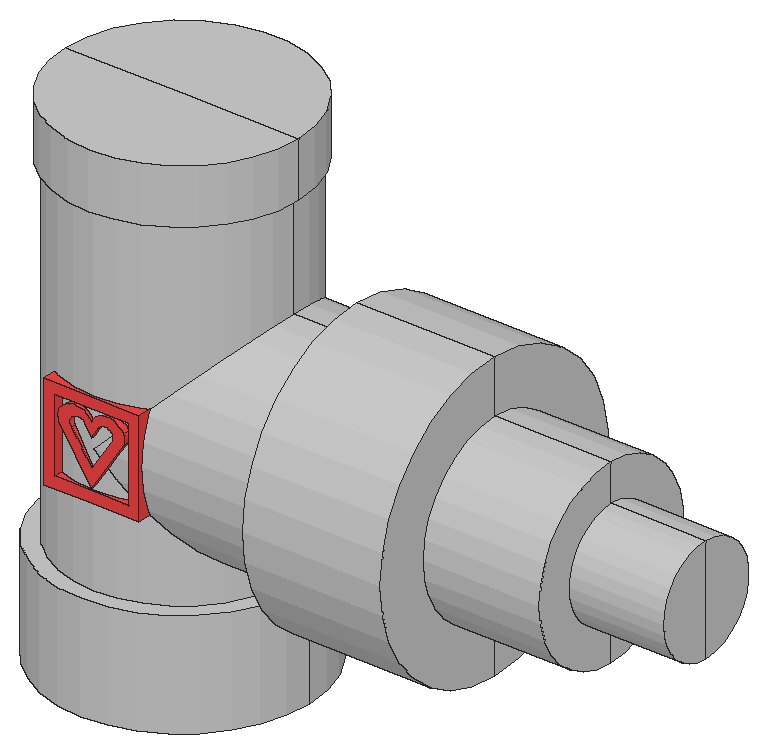
Revit family "Клапан запорный для отключения радиатора HERZ-RL-1, угловой 3724", category Rohrzubehör, Revit 2018
Family settings
  Bemaßung runder Anschluss = Durchmesser verwenden
  Teiletyp = Unterbricht
  OmniClass-Nummer = 23.65.55.14
  OmniClass-Titel = Valves for Liquid Services
  Arbeitsebenenbasiert = Nein
  Immer vertikal = Nein
  Beim Laden mit Abzugskörper schneiden = Nein
  Gemeinsam genutzt = Nein
Parameters
  Среда = "Качество воды в соответствии с ÖNORM H 5195 или директивой VDI 2035."
  Область применения = "Система водяного отопления. С помощью установки радиаторных запорных клапанов возможно осуществить перекрытие обратного потока нагревательных приборов. При одновременном перекрытии с клапаном на подающем трубопроводе возможен демонтаж радиатора в системе, которая находится под давлением. Промывку радиатора или ремонт помещения (оклеивание обоями, облицовку плиткой) можно проводить, не прерывая работу системы. Если требуется предварительная настройка клапанов для отключения радиаторов или заполнение и опорожнение радиаторов или системы при помощи данного клапана, рекомендуется установка клапана HERZ-RL-5."
  Номер заказа [instance] = size_lookup("3724_1_", "Artnr", 0, Nennweite)  # 1372440
  Макс. рабочее давление = 1000000.0 Pa  # constant formula
  Макс. рабочая температура = 120 °C  # constant formula
  Корпус = "Никелированная латунь"  # constant formula
  Исполнение = "Все модели поставляются в никелированном исполнении, это универсальные модели со специальной муфтой для резьбовой трубы и компрессионных фитингов."
  URL = "www.herz-armaturen.ru"
  SCRNSEQ = "ARM;ARM_TYP=\"ALLF\";2"
  SCRNCODE = "05;01;02"  # constant formula
  S04 = 45.000 mm  # constant formula
  S03 [instance] = H02 - 5.000 mm + 41.000 mm  # 60.500 mm
  S02 [instance] = L04 + L03 - L02  # 25.500 mm
  S01 = 10.000 mm  # constant formula
  R06 = 11.000 mm  # constant formula
  Nennweite [instance] = 10.000 mm
  LO1 [instance] = R01 - 0.500 mm  # 10.000 mm
  L04 [instance] = size_lookup("3724_1_", "L4", 1.000 mm, Nennweite)  # 20.000 mm
  L03 [instance] = size_lookup("3724_1_", "L3", 1.000 mm, Nennweite)  # 13.000 mm
  L02 [instance] = size_lookup("3724_1_", "L2", 1.000 mm, Nennweite)  # 7.500 mm
  L01 [instance] = size_lookup("3724_1_", "L1", 1.000 mm, Nennweite)  # 24.000 mm
  Hersteller = "HERZ Armaturen Ges.m.b.H."  # constant formula
  H05 = 5.200 mm  # constant formula
  H04 = 25.500 mm  # constant formula
  H03 [instance] = size_lookup("3724_1_", "H3", 1.000 mm, Nennweite)  # 10.000 mm
  H02 [instance] = 24.500 mm  # constant formula
  H01 [instance] = size_lookup("3724_1_", "H1", 1.000 mm, Nennweite)  # 22.000 mm
  GT1 [instance] = size_lookup("3724_1_", "GT1", 1.000 mm, Nennweite)  # 9.000 mm
  GT [instance] = size_lookup("3724_1_", "GT", 1.000 mm, Nennweite)  # 9.500 mm
  G2 [instance] = Nennweite / 2  # 5.000 mm
  G1 [instance] = Nennweite / 2  # 5.000 mm
  R01 = 10.500 mm  # constant formula
  D05 [instance] = size_lookup("3724_1_", "D5", 1.000 mm, Nennweite)  # 8.500 mm
  D04 [instance] = size_lookup("3724_1_", "D4", 1.000 mm, Nennweite)  # 13.500 mm
  D03 [instance] = R01  # 10.500 mm
  D02 [instance] = size_lookup("3724_1_", "D2", 1.000 mm, Nennweite)  # 7.940 mm
  D01 [instance] = size_lookup("3724_1_", "D1", 1.000 mm, Nennweite)  # 12.000 mm
Reference planes
  plane 1 "Mitte (Vorne/hinten)": y = 0
  plane 2: z = 0
  plane 3 "Mitte (Links/rechts)": x = 0
Forms (mm)
  Revolve 1, solid, material "Messing, weicher Gelbton, geschweißt", detail levels fine
    sketch origin (0, 0, 0) x (1, 0, 0) y (0, 0, 1)
      loop
        line (0, 24.5) -> (-10.5, 24.5) -> (-10.5, -12) -> (-12, -12) -> (-12, -22) -> (-5, -22) -> (-5, -12.5) -> (0, -12.5) -> (0, 24.5)
      axis (0, 24.5) -> (0, -22)
    angle from 0 to 360
  Revolve 2, solid, material "Messing, weicher Gelbton, geschweißt", detail levels fine
    sketch origin (0, 0, 0) x (1, 0, 0) y (0, 0, 1)
      loop
        line (0, 0) -> (24, 0) -> (24, 7.94) -> (16.5, 7.94) -> (16.5, 10.5) -> (0, 10.5) -> (0, 0)
      axis (0, 0) -> (24, 0)
    angle from 0 to 360
  Revolve 3, solid, material "Messing, weicher Gelbton, geschweißt", detail levels fine
    sketch origin (-1, 0, 0) x (1, 0, 0) y (0, 0, 1)
      loop
        line (25, 0) -> (50.5, 0) -> (50.5, 5) -> (41.5, 5) -> (41.5, 8.5) -> (30.5, 8.5) -> (30.5, 13.5) -> (17.5, 13.5) -> (17.5, 7.94) -> (25, 7.94) -> (25, 0)
      axis (17.5, 0) -> (50.5, 0)
    angle from 0 to 360
  Revolve 4, solid, material "Messing, weicher Gelbton, geschweißt", detail levels fine
    sketch origin (0, 0, 0) x (1, 0, 0) y (0, 0, 1)
      loop
        line (0, 20.3) -> (11, 20.3) -> (11, 25.5) -> (0, 25.5) -> (0, 20.3)
      axis (0, 25.5) -> (0, 20.3)
    angle from 0 to 360
Lines and regions (mm)
  model lines, detail levels coarse+medium
    curve 1: line (0, 0, 0) -> (12, 0, -22)
    curve 2: line (12, 0, -22) -> (-12, 0, -22)
    curve 3: line (-12, 0, -22) -> (0, 0, 0)
    curve 4: line (0, 0, 0) -> (24, 0, 13.5)
    curve 5: line (24, 0, 13.5) -> (24, 0, -13.5)
    curve 6: line (24, 0, -13.5) -> (0, 0, 0)
    curve 7: line (24, 0, 13.5) -> (34, 0, 13.5)
    curve 8: line (34, 0, 13.5) -> (24, 0, 0)
    curve 9: line (24, 0, -13.5) -> (34, 0, -13.5)
    curve 10: line (34, 0, -13.5) -> (24, 0, 0)
    curve 11: line (24, 0, 0) -> (49.5, 0, 0)
    curve 12: line (0, 0, 0) -> (12, -22, 0)
    curve 13: line (12, -22, 0) -> (-12, -22, 0)
    curve 14: line (-12, -22, 0) -> (0, 0, 0)
    curve 15: line (0, 0, 0) -> (24, 13.5, 0)
    curve 16: line (24, 13.5, 0) -> (24, -13.5, 0)
    curve 17: line (24, -13.5, 0) -> (0, 0, 0)
    curve 18: line (24, 13.5, 0) -> (34, 13.5, 0)
    curve 19: line (34, 13.5, 0) -> (24, 0, 0)
    curve 20: line (24, -13.5, 0) -> (34, -13.5, 0)
    curve 21: line (24, 0, 0) -> (34, -13.5, 0)
Dimensions and locks
  "H02": Revolve 1 sketch curve to plane 2
  "H01": plane 2 to Revolve 1 sketch curve
  "R01": Revolve 1 sketch curve to Revolve 1 sketch curve
  "G1": Revolve 1 sketch curve to Revolve 1 sketch curve
  "D01": Revolve 1 sketch curve to Revolve 1 sketch curve
  "GT": Revolve 1 sketch curve to Revolve 1 sketch curve
  "H03": Revolve 1 sketch curve to Revolve 1 sketch curve
  "D02": Revolve 2 sketch curve to Revolve 2 sketch curve
  "D03": Revolve 2 sketch curve to Revolve 2 sketch curve
  "L01": Revolve 2 sketch curve to Revolve 2 sketch curve
  "L02": Revolve 2 sketch curve to Revolve 2 sketch curve
  "LO1": nested 1 to plane 1 "Mitte (Vorne/hinten)"
  "L02": Revolve 3 sketch curve to Revolve 3 sketch curve
  "L03": Revolve 3 sketch curve to Revolve 3 sketch curve
  "L04": Revolve 3 sketch curve to Revolve 3 sketch curve
  "D04": Revolve 3 sketch curve to Revolve 3 sketch curve
  "G2": Revolve 3 sketch curve to Revolve 3 sketch curve
  "D05": Revolve 3 sketch curve to Revolve 3 sketch curve
  "GT1": Revolve 3 sketch curve to Revolve 3 sketch curve
  "L01": plane 3 "Mitte (Links/rechts)" to Revolve 3 sketch curve
  "D02": Revolve 3 sketch curve to plane 2
  "H01": plane 2 to curve 2
  "L01": curve 5 to plane 3 "Mitte (Links/rechts)"
  "D01": curve 2 to plane 3 "Mitte (Links/rechts)" to curve 3
  "D04": curve 5 to plane 2 to curve 6
  "S01": curve 5 to curve 8
  "S01": curve 5 to curve 10
  "S02": curve 11 to curve 11
  "H01": curve 13 to plane 1 "Mitte (Vorne/hinten)"
  "D01": curve 14 to plane 3 "Mitte (Links/rechts)" to curve 13
  "L01": plane 3 "Mitte (Links/rechts)" to curve 16
  "D04": curve 17 to plane 1 "Mitte (Vorne/hinten)" to curve 16
  "S01": curve 16 to curve 19
  "S01": curve 16 to curve 21
  "R06": Revolve 4 sketch curve to Revolve 4 sketch curve
  "H04": Revolve 4 sketch curve to plane 2
  "H05": Revolve 4 sketch curve to Revolve 4 sketch curve
  aligned and locked: level to plane 2
Automatic sketch dimensions
  curve 4 to level = 0.000 mm
  curve 4 to plane 3 "Mitte (Links/rechts)" = 0.000 mm
  curve 11 to level = 0.000 mm
  curve 8 to level = 0.000 mm
  plane 1 "Mitte (Vorne/hinten)" to curve 14 = 0.000 mm
  curve 14 to plane 3 "Mitte (Links/rechts)" = 0.000 mm
  plane 1 "Mitte (Vorne/hinten)" to curve 19 = 0.000 mm
  Revolve 1 sketch curve to plane 3 "Mitte (Links/rechts)" = 0.000 mm  (x2)
  Revolve 1 sketch curve to Revolve 1 sketch curve = 345.545 mm
  Revolve 1 sketch curve to Revolve 1 sketch curve = 2189.815 mm
  Revolve 2 sketch curve to level = 0.000 mm  (x2)
  Revolve 2 sketch curve to plane 3 "Mitte (Links/rechts)" = 0.000 mm
  Revolve 2 sketch curve to plane 3 "Mitte (Links/rechts)" = 1506.530 mm
  Revolve 2 sketch curve to Revolve 2 sketch curve = 1815.148 mm
  Revolve 3 sketch curve to level = 0.000 mm  (x2)
  Revolve 3 sketch curve to plane 3 "Mitte (Links/rechts)" = 1507.530 mm
  Revolve 3 sketch curve to Revolve 3 sketch curve = 1789.648 mm
  Revolve 4 sketch curve to plane 3 "Mitte (Links/rechts)" = 0.000 mm  (x2)
  Revolve 4 sketch curve to level = 366.045 mm
  Revolve 4 sketch curve to Revolve 4 sketch curve = 2190.315 mm
Nested families
  nested 1: "Herz-Logo-vorne" at (0, -10, 0) x (0, -1, 0) z (0, 0, 1), type "Herz-Logo-vorne", detail levels fine
Connectors
  piping at (0, 0, -12.5), diameter 10, driven by "Nennweite"
    settings: on Revolve 1, index 1, connector inside diameter 609.6 mm, connector length 0.000 mm, flow factor 0, pipe flow 0.0 L/s, pressure drop 0.0 Pa, fitting loss kfactor 0, connector angle 0.00°, fixture units 0, engagement length 0.000 mm, angle of deflection 0.00°, flow configuration 0, flow direction 1, fitting loss method 0, system type 8, joint type 0, gender type 0, connector reference index -1, connector utility 0, adjustable connector no, is connector primary yes, connector description ""
  piping at (49.5, 0, 0), diameter 10, driven by "Nennweite"
    settings: on Revolve 3, index 2, connector inside diameter 609.6 mm, connector length 0.000 mm, flow factor 0, pipe flow 0.0 L/s, pressure drop 0.0 Pa, fitting loss kfactor 0, connector angle 0.00°, fixture units 0, engagement length 0.000 mm, angle of deflection 0.00°, flow configuration 0, flow direction 2, fitting loss method 0, system type 8, joint type 0, gender type 0, connector reference index -1, connector utility 0, adjustable connector no, is connector primary no, connector description ""
Definition of nested family "Herz-Logo-vorne"
  Reference planes
    plane 1 "Mitte (Vorne/hinten)": y = 0
    plane 2: z = 0
    plane 3 "Mitte (Links/rechts)": x = 0
  Forms (mm)
    Extrusion 1, solid
      sketch origin (0.732, -0.018, 0.017) x (0, -1, 0) y (0, 0, 1)
        loop
          line (-0.018, -4.517) -> (4.482, -4.517) -> (4.482, 4.483) -> (-4.518, 4.483) -> (-4.518, -4.517) -> (-0.018, -4.517)
        loop
          line (-0.05, -3.48) -> (3.482, -3.48) -> (3.482, 3.483) -> (-3.518, 3.483) -> (-3.518, -3.48) -> (-0.05, -3.48)
        loop
          arc (-0.018, 2.383) -> (-1.543, 3.287) -> (-3.067, 2.383) r 1.738
          arc (-3.067, 2.383) -> (-3.191, 1.899) -> (-3.067, 1.415) r 1.009
          line (-3.067, 1.415) -> (-0.018, -3.281) -> (3.032, 1.415)
          arc (3.032, 1.415) -> (3.156, 1.899) -> (3.032, 2.383) r 1.009
          arc (3.032, 2.383) -> (1.507, 3.287) -> (-0.018, 2.383) r 1.738
        loop
          arc (1.885, 1.272) -> (2.005, 1.675) -> (1.885, 2.079) r 0.74
          arc (1.885, 2.079) -> (1.265, 2.416) -> (0.644, 2.079) r 0.74
          line (0.644, 2.079) -> (-0.018, 0.97) -> (-0.679, 2.079)
          arc (-0.679, 2.079) -> (-1.3, 2.416) -> (-1.921, 2.079) r 0.74
          arc (-1.921, 2.079) -> (-2.04, 1.675) -> (-1.921, 1.272) r 0.74
          line (-1.921, 1.272) -> (-0.018, -1.658) -> (1.885, 1.272)
      from 0 to 1.5
  Dimensions and locks
    aligned and locked: level to plane 2
